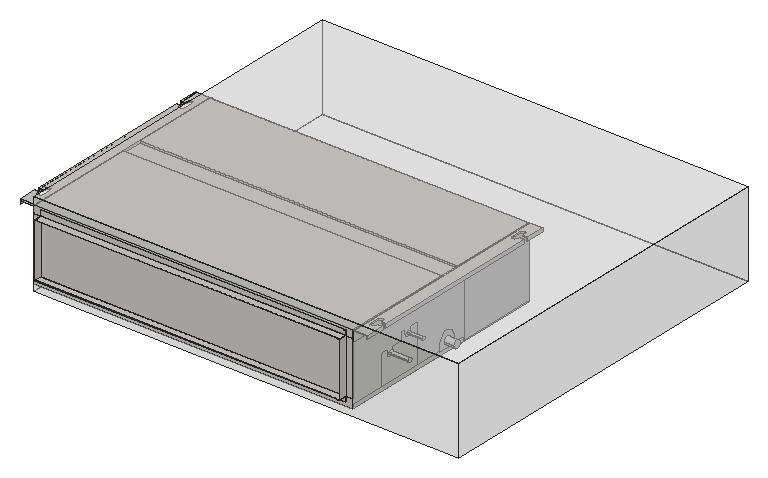
Revit family "outputfile", category 機械設備, Revit 2024
Family settings
  丸型コネクタ寸法 = 半径を使用
  パーツ タイプ = 標準
  OmniClass 番号 = 23.75.10.24.21.27.27
  OmniClass タイトル = Split System Air Conditioning Units
  作業面ベース = いいえ
  常に垂直 = はい
  ロード時にボイドで切り取り = いいえ
  注釈の向きを維持 = いいえ
  共有 = いいえ
  部屋計算ポイント = はい
Parameters (values of type "CDXM35RVMV")
  Description = ""
  書き出し IFC クラス(タイプ) = "IfcUnitaryEquipmentType"
  定義済み IFC タイプ(タイプ) = "AIRCONDITIONINGUNIT"
  Cost = 0
  Type Comments = ""
  Keynote = ""
  Type Image = (empty or 0)
  Assembly Code = ""
  switch_frequency = yes
  ld_powersupply = Depth / 2  # 310.0 mm
  製造元 = "Daikin"
  モデル = "CDXM35RVMV"
  r_Liquid Pipe Size = Liquid Pipe Size / 2  # 3.2 mm
  r_Gas Pipe Size = Gas Pipe Size / 2  # 4.75 mm
  r_Drain Pipe Size = Drain Pipe Size / 2  # 10.0 mm
  lw_powersupply = 50.0 mm  # constant formula
  lw_ductflange2 = 820.0 mm
  lw_Width = 860.0 mm
  lh_suctionflange [instance] = 100.0 mm  # constant formula
  ld_suctionflange [instance] = if(Rear Connection_Return Air, 190.0 mm, 100.0 mm)  # 190.0 mm
  connector_voltage = Voltage_50Hz  # 230 V
  connector_powerinput = if([Power Input (Cooling)] > [Power Input (Heating)], [Power Input (Cooling)], [Power Input (Heating)])  # 0.000 kW
  connector_phase = Phase_50Hz  # 1
  angle_vertical_RA [instance] = if(Rear Connection_Return Air, 90.00°, 0.00°)  # 90.00°
  angle horizontal_RA [instance] = if(Rear Connection_Return Air, 180.00°, 270.00°)  # 180.00°
  Voltage_comment_50Hz = "220 - 240"
  Voltage_50Hz = 230 V
  URL = ""
  Supply Air Direction [instance] = yes
  Sound Power Level_H speed (dB) = 0
  Rear Connection_Return Air [instance] = not(Bottom Connection_Return Air)  # yes
  RA_length [instance] = if(Rear Connection_Return Air, 190.0 mm, 100.0 mm)  # 190.0 mm
  Phase_50Hz = 1
  Minimum External Static Pressure = 0.00 Pa
  Minimum Circuit Amps_50Hz = 0.0 A
  Maximum Fuse Amps_50Hz = 0.0 A
  Maximum External Static Pressure = 40.00 Pa
  Material_Casing = DAIKIN_GalvanizedSteel_Casing_indoorunit
  lw_liquidpipe = 46.0 mm  # constant formula
  lw_gaspipe = 57.0 mm  # constant formula
  lw_mountinghole = 940.0 mm
  lw_drainpipe = 30.0 mm  # constant formula
  lh_powersupply = 150.0 mm  # constant formula
  lh_liquidpipe = 90.0 mm  # constant formula
  lh_gaspipe = 113.0 mm  # constant formula
  lh_mountinghole = Height  # 200.0 mm
  lh_drainpipe = 170.0 mm  # constant formula
  lh_antena = 1.0 mm  # constant formula
  ld_liquidpipe = 193.0 mm  # constant formula
  ld_gaspipe = 130.0 mm  # constant formula
  ld_mountinghole = 500.0 mm  # constant formula
  ld_drainpipe = 330.0 mm  # constant formula
  ld_controlbox = 626.0 mm  # constant formula
  h*** = 0.0 mm  # constant formula
  d_dischargeflange = 21.2 mm  # constant formula
  Width = 900.0 mm
  Version = "ver.1.0"
  Unit Type = "Duct (L.S.P)"
  Unit Mass Weight = 25.00 kg
  Unit Designation [instance] = ""
  Uniclass2015Version = "Products v1.30"
  Uniclass2015Title = "Split coil room air conditioning units"
  Uniclass2015Code = "Pr_70_65_03_86"
  Total Heating Capacity [instance] = 0.000 kW
  Total Cooling Capacity [instance] = 0.000 kW
  Sound Pressure Level_M speed (dBA) = 33
  Sound Pressure Level_L speed (dBA) = 31
  Sound Pressure Level_H speed (dBA) = 35
  Series = "Multi Split_Fan Coil Unit"
  Sensible Cooling Capacity [instance] = 0.000 kW
  SA Duct Size Width = 860.0 mm
  SA Duct Size Height = 153.0 mm
  Refrigerant Type = "R32"
  RA Duct Size Width = 780.0 mm
  RA Duct Size Height = 160.0 mm
  Power Input (Heating) = 0.000 kW
  Power Input (Cooling) = 0.000 kW
  Option Accessory 3 [instance] = ""
  Option Accessory 2 [instance] = ""
  Option Accessory 1 [instance] = ""
  Nominal Heating Capacity = 4.300 kW
  Nominal Cooling Capacity = 3.500 kW
  Minimum Airflow = 510.00 m³/h
  Median Airflow = 558.00 m³/h
  Maximum Airflow = 600.00 m³/h
  Load Classification = HVAC
  Liquid Pipe Size = 6.4 mm
  Link_Nested Family [instance] = ""
  IfcVersion = ""
  IfcExportType = "AIRCONDITIONINGUNIT"
  IfcExportAs = "IfcUnitaryEquipmentType"
  Height = 200.0 mm
  Heating Entering Wet Bulb Temperature [instance] = 0.00 °C
  Heating Entering Dry Bulb Temperature [instance] = 0.00 °C
  Heating Ambient Wet Bulb Temperature [instance] = 0.00 °C
  Heating Ambient Dry Bulb Temperature [instance] = 0.00 °C
  Heat Exchanger Type = "Cross Fin Coil"
  Gas Pipe Size = 9.5 mm
  Frequency_50Hz = 50 Hz
  Fan Type = "Sirocco Fan"
  Fan Drive = "Direct Drive"
  FCU Tag No. [instance] = ""
  Drain Pipe Size = 20.0 mm
  Design Supply Airflow [instance] = 0.00 m³/h
  Design Return Airflow [instance] = 0.00 m³/h
  Design External Static Pressure [instance] = 0.00 Pa
  Depth = 620.0 mm
  既定の高さ = 0.0 mm
  Cooling Entering Wet Bulb Temperature [instance] = 0.00 °C
  Cooling Entering Dry Bulb Temperature [instance] = 0.00 °C
  Cooling Ambient Wet Bulb Temperature [instance] = 0.00 °C
  Cooling Ambient Dry Bulb Temperature [instance] = 0.00 °C
  Clearance visibility [instance] = yes
  Clearance Top = 20.0 mm
  Clearance Right = 300.0 mm
  Clearance Rear = 400.0 mm
  Clearance Left = 0.0 mm
  Clearance Front = 0.0 mm
  Clearance Bottom = 20.0 mm
  Bottom Connection_Return Air [instance] = no
Reference planes
  plane 1 "Center (Front/Back)": y = 0
  plane 2: z = 0
  plane 3 "Center (Left/Right)": x = 0
  plane 4 "Back": y = 310
  plane 5 "Front": y = -310
  plane 6 "Left": x = -450
  plane 7 "Right": x = 450
  plane 8 "Top": z = 0
  plane 9 "Bottom": z = -200
  plane 10: x = -470
  plane 11: x = 470
  plane 12: y = 250
  plane 13: z = 0
  plane 14 "Clearance Left": x = -450
  plane 15 "Clearance Right": x = 750
  plane 16 "Clearance Rear": y = 710
  plane 17 "Clearance Front": y = -310
  plane 18 "Clearance Top": z = 20
  plane 19 "Clearance Bottom": z = -220
  plane 20: y = -250
  plane 21: z = -21
  plane 22: z = -97.5
  plane 23: x = -40
  plane 24: y = 120
  plane 25: z = -100
  plane 26: y = -180
  plane 27: z = -113
  plane 28: y = -117
  plane 29: z = -90
  plane 30: y = 20
  plane 31: z = -170
  plane 32: x = 507
  plane 33: x = 496
  plane 34: x = 480
  plane 35: x = 400
  plane 36: z = -150
Forms (mm)
  Extrusion 1, solid, material "DAIKIN_GalvanizedSteel_Casing_indoorunit" <- "Material_Casing"
    sketch origin (0, 0, 0) x (1, 0, 0) y (0, 1, 0)
      loop
        line (-450, -310) -> (450, -310) -> (450, 310) -> (-450, 310) -> (-450, -310)
    from -200 to 0
  Extrusion 2, void
    sketch origin (0, 0, 1) x (1, 0, 0) y (0, 1, 0)
      loop
        line (-450, 61.5) -> (-450, 3.5) -> (450, 3.5) -> (450, 61.5) -> (-450, 61.5)
    from -1 to -7
  Extrusion 3, solid, material "DAIKIN_GalvanizedSteel_Casing_indoorunit" <- "Material_Casing", visible <- "Bottom Connection_Return Air"
    sketch origin (0, 0, 0) x (1, 0, 0) y (0, 0, 1)
      loop
        line (369, -200) -> (369, -1) -> (-449, -1) -> (-449, -200) -> (369, -200)
    from -310 to -309
  Extrusion 4, solid, material "DAIKIN_GalvanizedSteel_Casing_indoorunit" <- "Material_Casing", visible <- "Rear Connection_Return Air"
    sketch origin (0, 0, 0) x (1, 0, 0) y (0, 1, 0)
      loop
        line (-449, 310) -> (-449, 111) -> (369, 111) -> (369, 310) -> (-449, 310)
    from -200 to -199
  Extrusion 5, solid, material "DAIKIN_GalvanizedSteel_Casing_indoorunit" <- "Material_Casing"
    sketch origin (450, 0, 0) x (0, 1, 0) y (0, 0, 1)
      loop
        circle (-180, -113) r 4.75
    from 0 to 57
  Extrusion 6, solid, material "DAIKIN_GalvanizedSteel_Casing_indoorunit" <- "Material_Casing"
    sketch origin (450, 0, 0) x (0, 1, 0) y (0, 0, 1)
      loop
        circle (-117, -90) r 3.2
    from 0 to 46
  Extrusion 7, solid, material "DAIKIN_GalvanizedSteel_Casing_indoorunit" <- "Material_Casing"
    sketch origin (450, 0, 0) x (0, 1, 0) y (0, 0, 1)
      loop
        circle (20, -170) r 10
    from 0 to 30
  Extrusion 8, solid, material "DAIKIN_GalvanizedSteel_Casing_indoorunit" <- "Material_Casing"
    sketch origin (450, 0, 0) x (0, 1, 0) y (0, 0, 1)
      loop
        line (-310, -200) -> (78.6, -200) -> (78.6, -193)
        arc (78.6, -193) -> (77.721, -190.879) -> (75.6, -190) r 3
        line (75.6, -190) -> (-310, -190) -> (-310, -200)
    from 0 to -1
  Extrusion 9, solid, material "DAIKIN_GalvanizedSteel_Casing_indoorunit" <- "Material_Casing"
    sketch origin (450, 0, 0) x (0, 1, 0) y (0, 0, 1)
      loop
        line (-210, -190) -> (-85.6, -190) -> (-85.6, -83)
        arc (-85.6, -83) -> (-86.479, -80.879) -> (-88.6, -80) r 3
        line (-88.6, -80) -> (-102, -80)
        arc (-102, -80) -> (-104.121, -80.879) -> (-105, -83) r 3
        line (-105, -83) -> (-105, -90)
        arc (-105, -90) -> (-117, -102) -> (-129, -90) r 12
        line (-129, -90) -> (-129, -83)
        arc (-129, -83) -> (-129.879, -80.879) -> (-132, -80) r 3
        line (-132, -80) -> (-136.1, -80)
        arc (-136.1, -80) -> (-138.221, -80.879) -> (-139.1, -83) r 3
        line (-139.1, -83) -> (-139.1, -102.7) -> (-165, -102.7)
        arc (-165, -102.7) -> (-167.121, -103.579) -> (-168, -105.7) r 3
        line (-168, -105.7) -> (-168, -113)
        arc (-168, -113) -> (-180, -125) -> (-192, -113) r 12
        line (-192, -113) -> (-192, -105.7)
        arc (-192, -105.7) -> (-192.879, -103.579) -> (-195, -102.7) r 3
        line (-195, -102.7) -> (-207, -102.7)
        arc (-207, -102.7) -> (-209.121, -103.579) -> (-210, -105.7) r 3
        line (-210, -105.7) -> (-210, -190)
    from 0 to -1
  Extrusion 10, solid, material "DAIKIN_GalvanizedSteel_Casing_indoorunit" <- "Material_Casing"
    sketch origin (450, 0, 0) x (0, 1, 0) y (0, 0, 1)
      loop
        arc (44.5, -170) -> (20, -145.5) -> (-4.5, -170) r 24.5
        line (-4.5, -170) -> (-4.5, -190) -> (44.5, -190) -> (44.5, -170)
    from 0 to -1
  Extrusion 11, solid, material "DAIKIN_GalvanizedSteel_Casing_indoorunit" <- "Material_Casing"
    sketch origin (450, 0, 0) x (0, 1, 0) y (0, 0, 1)
      loop
        arc (86.6, -22) -> (84.479, -22.879) -> (83.6, -25) r 3
        line (83.6, -25) -> (83.6, -194.5)
        arc (83.6, -194.5) -> (84.479, -196.621) -> (86.6, -197.5) r 3
        line (86.6, -197.5) -> (307, -197.5)
        arc (307, -197.5) -> (309.121, -196.621) -> (310, -194.5) r 3
        line (310, -194.5) -> (310, -25)
        arc (310, -25) -> (309.121, -22.879) -> (307, -22) r 3
        line (307, -22) -> (86.6, -22)
    from 0 to -1
Cuts and joins
  Extrusion 2 cuts Extrusion 1
Dimensions and locks
  "Height": plane 8 "Top" to plane 9 "Bottom"
  equal spacing: plane 10, plane 3 "Center (Left/Right)", plane 11
  "lw_mountinghole": plane 10 to plane 11
  equal spacing: plane 6 "Left", plane 3 "Center (Left/Right)", plane 7 "Right"
  "Width": plane 6 "Left" to plane 7 "Right"
  "Clearance Right": plane 7 "Right" to plane 15 "Clearance Right"
  "Clearance Left": plane 14 "Clearance Left" to plane 6 "Left"
  "Clearance Rear": plane 16 "Clearance Rear" to plane 4 "Back"
  "Clearance Front": plane 5 "Front" to plane 17 "Clearance Front"
  "Clearance Top": plane 18 "Clearance Top" to plane 8 "Top"
  "Clearance Bottom": plane 9 "Bottom" to plane 19 "Clearance Bottom"
  "Depth": plane 4 "Back" to plane 5 "Front"
  equal spacing: plane 4 "Back", plane 1 "Center (Front/Back)", plane 5 "Front"
  Extrusion 3 sketch curve to Extrusion 3 sketch curve = 199.0 mm
  locked: plane 20 to plane 5 "Front" at 60
  "ld_mountinghole": plane 12 to plane 20
  locked: plane 8 "Top" to plane 21 at 21
  locked: plane 23 to plane 3 "Center (Left/Right)" at 40
  "ld_suctionflange": plane 4 "Back" to plane 24
  "lh_suctionflange": plane 8 "Top" to plane 25
  "ld_gaspipe": plane 26 to plane 5 "Front"
  "lh_gaspipe": plane 8 "Top" to plane 27
  "ld_liquidpipe": plane 28 to plane 5 "Front"
  "lh_liquidpipe": plane 8 "Top" to plane 29
  "ld_drainpipe": plane 30 to plane 5 "Front"
  "lh_drainpipe": plane 8 "Top" to plane 31
  "lw_gaspipe": plane 7 "Right" to plane 32
  "lw_liquidpipe": plane 7 "Right" to plane 33
  "lw_drainpipe": plane 7 "Right" to plane 34
  "lw_powersupply": plane 35 to plane 7 "Right"
  "lh_powersupply": plane 8 "Top" to plane 36
  "r_Gas Pipe Size": radius of Extrusion 5 sketch curve
  "r_Liquid Pipe Size": radius of Extrusion 6 sketch curve
  "r_Drain Pipe Size": radius of Extrusion 7 sketch curve
  aligned and locked: level to plane 2
  aligned and locked: Extrusion 1 to plane 9 "Bottom"
  aligned and locked: plane 8 "Top" to Extrusion 1
  aligned and locked: plane 11 to nested 2
  aligned and locked: plane 10 to nested 3
  aligned and locked: plane 10 to nested 4
  aligned and locked: plane 8 "Top" to Extrusion 2
  aligned and locked: plane 9 "Bottom" to Extrusion 4  (x2)
  aligned and locked: plane 7 "Right" to cut or joined group of Extrusion 1, Extrusion 2  (x2)
  aligned and locked: plane 3 "Center (Left/Right)" to nested 9
  aligned and locked: plane 6 "Left" to nested 7
  aligned and locked: plane 8 "Top" to nested 9
  aligned and locked: plane 11 to nested 1
  aligned and locked: nested 6 to plane 1 "Center (Front/Back)"
  aligned and locked: plane 3 "Center (Left/Right)" to nested 6
  aligned and locked: level to plane 8 "Top"
  aligned and locked: plane 1 "Center (Front/Back)" to nested 9
  aligned and locked: plane 5 "Front" to nested 10
  aligned and locked: Extrusion 1 sketch curve to plane 5 "Front"
  aligned and locked: plane 21 to nested 10
  aligned and locked: nested 5 to plane 5 "Front"
  aligned and locked: plane 3 "Center (Left/Right)" to nested 5
  aligned and locked: plane 22 to nested 5
  aligned and locked: Extrusion 2 sketch curve to plane 6 "Left"
  aligned and locked: plane 7 "Right" to Extrusion 2 sketch curve
  aligned and locked: nested 11 to plane 23
  aligned and locked: nested 11 to plane 24
  aligned and locked: plane 27 to Extrusion 5 sketch curve
  aligned and locked: plane 26 to Extrusion 5 sketch curve
  aligned and locked: plane 28 to Extrusion 6 sketch curve
  aligned and locked: plane 29 to Extrusion 6 sketch curve
  aligned and locked: plane 31 to Extrusion 7 sketch curve
  aligned and locked: plane 30 to Extrusion 7 sketch curve
  aligned and locked: plane 26 to nested 12
  aligned and locked: nested 12 to plane 27
  aligned and locked: plane 32 to Extrusion 5
  aligned and locked: plane 32 to nested 12
  aligned and locked: plane 33 to Extrusion 6
  aligned and locked: plane 28 to nested 13
  aligned and locked: nested 13 to plane 29
  aligned and locked: plane 33 to nested 13
  aligned and locked: plane 34 to Extrusion 7
  aligned and locked: plane 30 to nested 14
  aligned and locked: nested 14 to plane 31
  aligned and locked: plane 34 to nested 14
  aligned and locked: Extrusion 8 sketch curve to plane 9 "Bottom"
  aligned and locked: Extrusion 8 sketch curve to plane 5 "Front"
  aligned and locked: plane 14 "Clearance Left" to nested 15
  aligned and locked: plane 15 "Clearance Right" to nested 15
  aligned and locked: plane 16 "Clearance Rear" to nested 15
  aligned and locked: nested 15 to plane 17 "Clearance Front"
  aligned and locked: nested 15 to plane 18 "Clearance Top"
  aligned and locked: nested 15 to plane 19 "Clearance Bottom"
  aligned and locked: nested 16 to plane 35
  aligned and locked: nested 16 to plane 36
  aligned and locked: plane 4 "Back" to nested 16
Automatic sketch dimensions
  Extrusion 1 sketch curve to plane 4 "Back" = 0.0 mm
  Extrusion 1 sketch curve to plane 6 "Left" = 0.0 mm
  Extrusion 1 sketch curve to plane 7 "Right" = 0.0 mm
  Extrusion 4 sketch curve to plane 4 "Back" = 0.0 mm
  plane 6 "Left" to Extrusion 3 sketch curve = 1.0 mm
  plane 6 "Left" to Extrusion 4 sketch curve = 1.0 mm
  Extrusion 4 sketch curve to plane 1 "Center (Front/Back)" = 111.0 mm
  Extrusion 3 sketch curve to plane 9 "Bottom" = 0.0 mm
  Extrusion 3 sketch curve to plane 7 "Right" = 81.0 mm
  Extrusion 4 sketch curve to plane 7 "Right" = 81.0 mm
  Extrusion 2 sketch curve to plane 1 "Center (Front/Back)" = 3.5 mm
  Extrusion 2 sketch curve to Extrusion 2 sketch curve = 58.0 mm
  plane 9 "Bottom" to Extrusion 8 sketch curve = 7.0 mm
  Extrusion 8 sketch curve to plane 24 = 44.4 mm
  Extrusion 8 sketch curve to Extrusion 8 sketch curve = 3.0 mm
  Extrusion 9 sketch curve to plane 27 = 0.0 mm
  Extrusion 9 sketch curve to plane 26 = 0.0 mm
  Extrusion 9 sketch curve to plane 29 = 0.0 mm
  Extrusion 9 sketch curve to plane 28 = 0.0 mm
  Extrusion 9 sketch curve to plane 26 = 12.0 mm
  Extrusion 9 sketch curve to plane 25 = 2.7 mm  (x2)
  Extrusion 9 sketch curve to Extrusion 9 sketch curve = 3.0 mm  (x6)
  Extrusion 9 sketch curve to Extrusion 9 sketch curve = 12.0 mm
  plane 9 "Bottom" to Extrusion 9 sketch curve = 10.0 mm
  Extrusion 9 sketch curve to plane 26 = 30.0 mm
  Extrusion 9 sketch curve to plane 28 = 22.1 mm
  Extrusion 9 sketch curve to Extrusion 9 sketch curve = 4.1 mm
  plane 29 to Extrusion 9 sketch curve = 7.0 mm  (x2)
  Extrusion 9 sketch curve to Extrusion 9 sketch curve = 13.4 mm
  Extrusion 10 sketch curve to plane 30 = 0.0 mm
  Extrusion 10 sketch curve to plane 31 = 0.0 mm
  plane 1 "Center (Front/Back)" to Extrusion 10 sketch curve = 4.5 mm
  plane 9 "Bottom" to Extrusion 10 sketch curve = 10.0 mm
  Extrusion 11 sketch curve to plane 4 "Back" = 0.0 mm
  Extrusion 11 sketch curve to Extrusion 11 sketch curve = 3.0 mm  (x3)
  Extrusion 11 sketch curve to plane 21 = 1.0 mm
  Extrusion 11 sketch curve to plane 21 = 4.0 mm
  Extrusion 11 sketch curve to plane 24 = 33.4 mm
  plane 9 "Bottom" to Extrusion 11 sketch curve = 5.5 mm
Nested families
  nested 1: "daikin_mountinghole" at (470, 250, -200), l_antenna <- "lh_antena", Link_Nested Family <- "Link_Nested Family", h_mountinghole <- "lh_mountinghole", type "daikin_mountinghole"
    with show yes, l_antenna 1.0 mm, h_mountinghole 200.0 mm, Link_Nested Family ""
  nested 2: "daikin_mountinghole" at (470, -250, -200), Link_Nested Family <- "Link_Nested Family", l_antenna <- "lh_antena", h_mountinghole <- "lh_mountinghole", type "daikin_mountinghole"
    with show yes, l_antenna 1.0 mm, h_mountinghole 200.0 mm, Link_Nested Family ""
  nested 3: "daikin_mountinghole" at (-470, -250, -200), l_antenna <- "lh_antena", Link_Nested Family <- "Link_Nested Family", h_mountinghole <- "lh_mountinghole", type "daikin_mountinghole"
    with show yes, l_antenna 1.0 mm, h_mountinghole 200.0 mm, Link_Nested Family ""
  nested 4: "daikin_mountinghole" at (-470, 250, -200), l_antenna <- "lh_antena", Link_Nested Family <- "Link_Nested Family", h_mountinghole <- "lh_mountinghole", type "daikin_mountinghole"
    with show yes, l_antenna 1.0 mm, h_mountinghole 200.0 mm, Link_Nested Family ""
  nested 5: "daikin_connector_rotate2" at (0, -310, -97.5), length <- "d_dischargeflange", type "daikin_connector_rotate2"
    with radius 10.0 mm, length 21.2 mm, angle_vertical 90.00°, show_face no
  nested 6: "daikin_△_symbolicline" at (-75, -129.904, 200) x (-0.5, 0.866, 0) z (0, 0, 1), built-in parameter 1001364 <- "Height", visible <- "Supply Air Direction", type "daikin_△_symbolicline"
    with length 300.0 mm
  nested 7: "daikin_ductflange_CDXM-RVMV_1" at (-40, 310, -100), visible <- "Rear Connection_Return Air", material <- "Material_Casing", width <- "lw_ductflange2", type "daikin_ductflange_CDXM-RVMV_1"
    with width 820.0 mm, material DAIKIN_GalvanizedSteel_Casing_indoorunit, height 180.0 mm, depth 21.2 mm
  nested 8: "daikin_ductflange_CDXM-RVMV_1" at (-40, 210, -200) x (1, 0, 0) z (0, 1, 0), visible <- "Bottom Connection_Return Air", material <- "Material_Casing", width <- "lw_ductflange2", type "daikin_ductflange_CDXM-RVMV_1"
    with width 820.0 mm, material DAIKIN_GalvanizedSteel_Casing_indoorunit, height 180.0 mm, depth 21.2 mm
  nested 9: "daikin_hangerfixture_CDXM-RVMV" at (0, 0, 0), type "daikin_hangerfixture_CDXM-RVMV"
    with width 900.0 mm
  nested 10: "daikin_ductflange_CDXM-RVMV" at (0, 3.5, -364.201), width <- "lw_Width", material <- "Material_Casing", type "daikin_ductflange_CDXM-RVMV"
    with width 860.0 mm, material DAIKIN_GalvanizedSteel_Casing_indoorunit, height 155.0 mm, depth 21.2 mm
  nested 11: "daikin_connector_rotate3" at (-40, 120, -100), length <- "RA_length", angle_vertical <- "angle_vertical_RA", angle_horizontal <- "angle horizontal_RA", type "daikin_connector_rotate3"
    with show no, radius 10.0 mm, length 190.0 mm, angle_vertical 90.00°, angle_horizontal 180.00°
  nested 12: "daikin_connector_rotate2" at (450, -180, -113) x (0, 1, 0) z (0, 0, 1), length <- "lw_gaspipe", radius <- "r_Gas Pipe Size", type "daikin_connector_rotate2"
    with radius 4.75 mm, length 57.0 mm, angle_vertical 90.00°, show_face no
  nested 13: "daikin_connector_rotate2" at (450, -117, -90) x (0, 1, 0) z (0, 0, 1), radius <- "r_Liquid Pipe Size", length <- "lw_liquidpipe", type "daikin_connector_rotate2"
    with radius 3.2 mm, length 46.0 mm, angle_vertical 90.00°, show_face no
  nested 14: "daikin_connector_rotate2" at (450, 20, -170) x (0, 1, 0) z (0, 0, 1), radius <- "r_Drain Pipe Size", length <- "lw_drainpipe", type "daikin_connector_rotate2"
    with radius 10.0 mm, length 30.0 mm, angle_vertical 90.00°, show_face no
  nested 15: "daikin_clearancespace" at (150, 200, -99.881), visible <- "Clearance visibility", Link_Nested Family <- "Link_Nested Family", show <- "Clearance visibility", type "daikin_clearancespace"
    with width 1200.0 mm, show yes, height 240.0 mm, depth 1020.0 mm, Link_Nested Family ""
  nested 16: "daikin_connector_rotate2" at (400, 0, -150) x (-1, 0, 0) z (0, 0, 1), length <- "ld_powersupply", type "daikin_connector_rotate2"
    with radius 10.0 mm, length 310.0 mm, angle_vertical 90.00°, show_face no
Connectors
  hvac at (0, -331.2, -97.5), driven by "SA Duct Size Height", driven by "SA Duct Size Width"
    settings: on nested 5, index 1, duct flow 0.00 m³/h, flow factor 0, pres drop 0.00 Pa, loss coef 0, conn angle 0.00°, conn width 860.0 mm, conn height 153.0 mm, conn diameter 609.6 mm, duct sys type 1, conn prof type 1, flow config 0, flow direction 2, loss method 4, conn ref index -1, conn util no, is conn primary yes, conn desc "SA Duct"
  hvac at (-40, 310, -100), driven by "RA Duct Size Height", driven by "RA Duct Size Width"
    settings: on nested 11, index 2, duct flow 0.00 m³/h, flow factor 0, pres drop 0.00 Pa, loss coef 0, conn angle 0.00°, conn width 780.0 mm, conn height 160.0 mm, conn diameter 609.6 mm, duct sys type 2, conn prof type 1, flow config 0, flow direction 1, loss method 4, conn ref index -1, conn util no, is conn primary no, conn desc "RA Duct"
  piping at (507, -180, -113), diameter 9.5, driven by "r_Gas Pipe Size"
    settings: on nested 12, index 3, connector inside diameter 609.6 mm, connector length 0.0 mm, flow factor 0, pipe flow 0.00 m³/h, pressure drop 0.0 Pa, fitting loss kfactor 0, connector angle 0.00°, fixture units 0, engagement length 0.0 mm, angle of deflection 0.00°, flow configuration 1, flow direction 2, fitting loss method 0, system type 29, joint type 0, gender type 0, connector reference index -1, connector utility 0, adjustable connector no, is connector primary yes, connector description "Refrigerant Gas Piping"
  piping at (496, -117, -90), diameter 6.4, driven by "r_Liquid Pipe Size"
    settings: on nested 13, index 4, connector inside diameter 609.6 mm, connector length 0.0 mm, flow factor 0, pipe flow 0.00 m³/h, pressure drop 0.0 Pa, fitting loss kfactor 0, connector angle 0.00°, fixture units 0, engagement length 0.0 mm, angle of deflection 0.00°, flow configuration 1, flow direction 1, fitting loss method 0, system type 29, joint type 0, gender type 0, connector reference index -1, connector utility 0, adjustable connector no, is connector primary no, connector description "Refrigerant Liquid Piping"
  piping at (480, 20, -170), diameter 20, driven by "r_Drain Pipe Size"
    settings: on nested 14, index 5, connector inside diameter 609.6 mm, connector length 0.0 mm, flow factor 0, pipe flow 0.00 m³/h, pressure drop 0.0 Pa, fitting loss kfactor 0, connector angle 0.00°, fixture units 0, engagement length 0.0 mm, angle of deflection 0.00°, flow configuration 1, flow direction 2, fitting loss method 4, system type 16, joint type 0, gender type 0, connector reference index -1, connector utility 0, adjustable connector no, is connector primary no, connector description "Condensate Drain Piping"
  electrical at (400, 310, -150), driven by "Load Classification", driven by "connector_phase", driven by "connector_powerinput", driven by "connector_voltage"
    settings: on nested 16, index 6, voltage 230 V, apparent load 0 VA, apparent load phase1 0 VA, apparent load phase2 0 VA, apparent load phase3 0 VA, power factor 1, load classification "HVAC", number of poles 1, system type 30, power factor state 1, is connector primary yes, connector utility no, sub classification motor no, connector description "Power Supply"
Definition of nested family "daikin_ductflange_CDXM-RVMV_1"
  Parameters (values of type "daikin_ductflange_CDXM-RVMV_1")
    width [instance] = 620.0 mm
    material [instance] = none
    height [instance] = 180.0 mm
    depth [instance] = 21.2 mm
    Default Elevation = 0.0 mm
  Reference planes
    plane 1 "Center (Front/Back)": y = 0
    plane 2: z = 0
    plane 3 "Center (Left/Right)": x = 0
    plane 4: x = -310
    plane 5: x = 310
    plane 6: z = 90
    plane 7: z = -90
    plane 8: z = 100
    plane 9: z = -100
    plane 10: x = -309
    plane 11: x = 309
  Forms (mm)
    Extrusion 1, solid, material <- "material"
      sketch origin (0, 0, 0) x (1, 0, 0) y (0, 0, 1)
        loop
          line (-290, 80) -> (-290, -80) -> (290, -80) -> (290, 80) -> (-290, 80)
        loop
          line (-309, -99) -> (309, -99) -> (309, 99) -> (-309, 99) -> (-309, -99)
      from 0 to 1
  Dimensions and locks
    equal spacing: plane 5, plane 3 "Center (Left/Right)", plane 4, locked at 310 each
    "width": plane 5 to plane 4
    equal spacing: plane 6, level, plane 7, locked at 90 each
    "height": plane 6 to plane 7
    equal spacing: plane 8, level, plane 9, locked at 100 each
    locked: plane 8 to plane 9 at 200
    plane 10 to plane 4 = 1.0 mm
    locked: plane 5 to plane 11 at 1
    locked: Extrusion 1 sketch curve to Extrusion 1 sketch curve at 19  (x4)
    locked: plane 8 to Extrusion 1 sketch curve at 1
    locked: Extrusion 1 sketch curve to plane 9 at 1
    aligned and locked: level to plane 2
  Automatic sketch dimensions
    plane 4 to Extrusion 1 sketch curve = 1.0 mm
    Extrusion 1 sketch curve to plane 5 = 1.0 mm
Definition of nested family "daikin_hangerfixture_CDXM-RVMV"
  Parameters (values of type "daikin_hangerfixture_CDKS-EAVMA")
    width = 700.0 mm
    material = none
    height = 30.0 mm
    depth = 618.0 mm
    Default Elevation = 0.0 mm
  Reference planes
    plane 1 "Center (Front/Back)": y = 0
    plane 2: z = 0
    plane 3 "Center (Left/Right)": x = 0
    plane 4: x = 350
    plane 5: y = 309
    plane 6: y = -309
    plane 7: x = -350
    plane 8: z = -30
  Forms (mm)
    Extrusion 1, solid, material <- "material"
      sketch origin (0, 0, 0) x (1, 0, 0) y (0, 0, 1)
        loop
          line (350, 0) -> (350, -30) -> (352.3, -30) -> (352.3, -2.3) -> (387.7, -2.3) -> (387.7, -10) -> (390, -10) -> (390, 0) -> (350, 0)
      from -309 to 309
    Extrusion 2, void
      sketch origin (0, 0, 0) x (0, 1, 0) y (0, 0, 1)
        loop
          line (309, -30) -> (309, -17.979) -> (87.935, -17.979) -> (75.914, -30) -> (309, -30)
      from 0 to 450
    Extrusion 3, void
      sketch origin (0, 0, 0) x (1, 0, 0) y (0, 1, 0)
        loop
          line (390, -243.5) -> (377, -243.5) -> (377, -237)
          arc (377, -237) -> (370, -230) -> (363, -237) r 7
          line (363, -237) -> (363, -263)
          arc (363, -263) -> (370, -270) -> (377, -263) r 7
          line (377, -263) -> (377, -256.5) -> (390, -256.5) -> (390, -243.5)
        loop
          line (390, 243.5) -> (390, 256.5) -> (377, 256.5) -> (377, 263)
          arc (377, 263) -> (370, 270) -> (363, 263) r 7
          line (363, 263) -> (363, 237)
          arc (363, 237) -> (370, 230) -> (377, 237) r 7
          line (377, 237) -> (377, 243.5) -> (390, 243.5)
      from -254.96 to 618
    Extrusion 4, solid, material <- "material"
      sketch origin (0, 0, 0) x (-1, 0, 0) y (0, 0, -1)
        loop
          line (350, 0) -> (390, 0) -> (390, 10) -> (387.7, 10) -> (387.7, 2.3) -> (352.3, 2.3) -> (352.3, 30) -> (350, 30) -> (350, 0)
      from -309 to 309
    Extrusion 5, void
      sketch origin (0, 0, 0) x (-1, 0, 0) y (0, -1, 0)
        loop
          line (390, 243.5) -> (390, 256.5) -> (377, 256.5) -> (377, 263)
          arc (377, 263) -> (370, 270) -> (363, 263) r 7
          line (363, 263) -> (363, 237)
          arc (363, 237) -> (370, 230) -> (377, 237) r 7
          line (377, 237) -> (377, 243.5) -> (390, 243.5)
        loop
          line (390, -243.5) -> (377, -243.5) -> (377, -237)
          arc (377, -237) -> (370, -230) -> (363, -237) r 7
          line (363, -237) -> (363, -263)
          arc (363, -263) -> (370, -270) -> (377, -263) r 7
          line (377, -263) -> (377, -256.5) -> (390, -256.5) -> (390, -243.5)
      from -254.96 to 618
  Cuts and joins
    Extrusion 2, Extrusion 3, Extrusion 5 cuts Extrusion 1
    Extrusion 5 cuts Extrusion 4
  Dimensions and locks
    equal spacing: plane 5, plane 1 "Center (Front/Back)", plane 6
    "depth": plane 5 to plane 6
    plane 6 to plane 1 "Center (Front/Back)" to plane 5 = 309.0 mm, 309.0 mm
    equal spacing: plane 4, plane 3 "Center (Left/Right)", plane 7
    "width": plane 4 to plane 7
    "height": level to plane 8
    aligned and locked: level to plane 2
    aligned and locked: plane 5 to Extrusion 1
    aligned and locked: Extrusion 1 to plane 6
    aligned and locked: Extrusion 1 to plane 4
    aligned and locked: plane 5 to cut or joined group of Extrusion 1, Extrusion 2, Extrusion 3, Extrusion 5
    aligned and locked: cut or joined group of Extrusion 1, Extrusion 2, Extrusion 3, Extrusion 5 to plane 6
    aligned and locked: level to cut or joined group of Extrusion 1, Extrusion 2, Extrusion 3, Extrusion 5
    aligned and locked: cut or joined group of Extrusion 1, Extrusion 2, Extrusion 3, Extrusion 5 to plane 8
    aligned and locked: plane 5 to cut or joined group of Extrusion 4, Extrusion 5
    aligned and locked: cut or joined group of Extrusion 4, Extrusion 5 to plane 6
  Automatic sketch dimensions
    Extrusion 1 sketch curve to plane 4 = 0.0 mm
    Extrusion 1 sketch curve to plane 8 = 0.0 mm
    Extrusion 1 sketch curve to level = 0.0 mm
    plane 4 to Extrusion 1 sketch curve = 2.3 mm
    Extrusion 1 sketch curve to level = 2.3 mm
    Extrusion 1 sketch curve to Extrusion 1 sketch curve = 35.4 mm
    Extrusion 1 sketch curve to Extrusion 1 sketch curve = 2.3 mm
    Extrusion 1 sketch curve to Extrusion 1 sketch curve = 7.7 mm
    Extrusion 2 sketch curve to plane 8 = 0.0 mm
    Extrusion 2 sketch curve to plane 5 = 0.0 mm
    plane 8 to Extrusion 2 sketch curve = 12.021 mm
    Extrusion 2 sketch curve to plane 1 "Center (Front/Back)" = 87.935 mm
    Extrusion 2 sketch curve to Extrusion 2 sketch curve = 12.021 mm
    plane 4 to Extrusion 3 sketch curve = 13.0 mm  (x2)
    Extrusion 3 sketch curve to Extrusion 3 sketch curve = 7.0 mm  (x4)
    Extrusion 3 sketch curve to Extrusion 3 sketch curve = 13.0 mm  (x4)
    plane 6 to Extrusion 3 sketch curve = 46.0 mm
    Extrusion 3 sketch curve to Extrusion 3 sketch curve = 6.5 mm  (x4)
    Extrusion 3 sketch curve to plane 5 = 72.0 mm
    Extrusion 4 sketch curve to plane 7 = 0.0 mm
    Extrusion 4 sketch curve to plane 8 = 0.0 mm
    Extrusion 4 sketch curve to level = 0.0 mm
    Extrusion 4 sketch curve to plane 7 = 2.3 mm
    Extrusion 4 sketch curve to level = 2.3 mm
    Extrusion 4 sketch curve to Extrusion 4 sketch curve = 35.4 mm
    Extrusion 4 sketch curve to Extrusion 4 sketch curve = 2.3 mm
    Extrusion 4 sketch curve to Extrusion 4 sketch curve = 7.7 mm
    Extrusion 5 sketch curve to plane 7 = 13.0 mm  (x2)
    Extrusion 5 sketch curve to Extrusion 5 sketch curve = 7.0 mm  (x4)
    Extrusion 5 sketch curve to Extrusion 5 sketch curve = 13.0 mm  (x4)
    Extrusion 5 sketch curve to plane 5 = 46.0 mm
    Extrusion 5 sketch curve to Extrusion 5 sketch curve = 6.5 mm  (x4)
    plane 6 to Extrusion 5 sketch curve = 72.0 mm
Definition of nested family "daikin_ductflange_CDXM-RVMV"
  Parameters (values of type "daikin_ductflange_FXDQ-NDVET")
    width [instance] = 660.0 mm
    material [instance] = none
    height [instance] = 155.0 mm
    depth [instance] = 21.2 mm
    Default Elevation = 0.0 mm
  Reference planes
    plane 1 "Center (Front/Back)": y = 0
    plane 2: z = 189.201
    plane 3 "Center (Left/Right)": x = 0
    plane 4: y = -313.5
    plane 5: x = -330
    plane 6: x = 330
    plane 7: y = -334.7
    plane 8: z = 344.201
    plane 9: z = 266.701
    plane 10: z = 343.201
    plane 11: z = 190.201
  Forms (mm)
    Extrusion 1, solid, material <- "material"
      sketch origin (0, 0, 189.201) x (1, 0, 0) y (0, 1, 0)
        loop
          line (-330, -334.7) -> (-330, -313.5) -> (-350, -313.5) -> (-350, -314.5) -> (-331, -314.5) -> (-331, -334.7) -> (-330, -334.7)
        loop
          line (330, -334.7) -> (331, -334.7) -> (331, -314.5) -> (350, -314.5) -> (350, -313.5) -> (330, -313.5) -> (330, -334.7)
      from 1 to 154
    Extrusion 2, solid, material <- "material"
      sketch origin (0, 0, 0) x (0, 1, 0) y (0, 0, 1)
        loop
          line (-313.5, 343.201) -> (-313.5, 358.201) -> (-314.5, 358.201) -> (-314.5, 344.201) -> (-334.7, 344.201) -> (-334.7, 343.201) -> (-313.5, 343.201)
        loop
          line (-313.5, 190.201) -> (-334.7, 190.201) -> (-334.7, 189.201) -> (-314.5, 189.201) -> (-314.5, 175.201) -> (-313.5, 175.201) -> (-313.5, 190.201)
      from -330 to 330
  Dimensions and locks
    plane 4 to plane 1 "Center (Front/Back)" = 313.5 mm
    "depth": plane 7 to plane 4
    equal spacing: plane 8, plane 9, level
    "height": plane 8 to level
    equal spacing: plane 6, plane 3 "Center (Left/Right)", plane 5
    "width": plane 6 to plane 5
    locked: plane 8 to plane 10 at 1
    locked: plane 11 to level at 1
    locked: Extrusion 1 to Extrusion 2 sketch curve at 1
    locked: Extrusion 2 sketch curve to Extrusion 1 at 1
    plane 10 to plane 11 = 153.0 mm
    aligned and locked: level to plane 2
    aligned and locked: Extrusion 2 to plane 5
    aligned and locked: Extrusion 2 to plane 11
    aligned and locked: Extrusion 2 to plane 10
    aligned and locked: plane 6 to Extrusion 2
    aligned and locked: plane 5 to Extrusion 2  (x2)
    aligned and locked: plane 5 to Extrusion 1  (x2)
    aligned and locked: Extrusion 1 to plane 6
    aligned and locked: plane 6 to Extrusion 1
    aligned and locked: Extrusion 1 to plane 10
  Automatic sketch dimensions
    Extrusion 2 sketch curve to plane 7 = 0.0 mm  (x2)
    Extrusion 2 sketch curve to plane 4 = 0.0 mm  (x2)
    Extrusion 2 sketch curve to plane 11 = 0.0 mm
    Extrusion 2 sketch curve to plane 10 = 0.0 mm
    Extrusion 2 sketch curve to plane 4 = 1.0 mm  (x2)
    Extrusion 2 sketch curve to level = 14.0 mm
    plane 8 to Extrusion 2 sketch curve = 14.0 mm
    Extrusion 1 sketch curve to plane 4 = 0.0 mm  (x2)
    Extrusion 1 sketch curve to plane 7 = 0.0 mm  (x2)
    Extrusion 1 sketch curve to plane 5 = 0.0 mm
    Extrusion 1 sketch curve to plane 6 = 0.0 mm
    Extrusion 1 sketch curve to plane 5 = 1.0 mm
    Extrusion 1 sketch curve to Extrusion 1 sketch curve = 19.0 mm  (x2)
    Extrusion 1 sketch curve to Extrusion 1 sketch curve = 1.0 mm
    Extrusion 1 sketch curve to plane 4 = 1.0 mm  (x2)
Definition of nested family "daikin_clearancespace"
  Parameters (values of type "daikin_clearancespace")
    Description = "daikin_clearancespace"
    width [instance] = 1823.963 mm
    show [instance] = yes
    material = none
    height [instance] = 1359.762 mm
    depth [instance] = 880.0 mm
    Default Elevation = 0.0 mm
    Link_Nested Family [instance] = ""
  Reference planes
    plane 1 "Center (Front/Back)": y = 0
    plane 2 "Center (Elevation)": z = -0.119
    plane 3 "Center (Left/Right)": x = 0
    plane 4: y = 440
    plane 5: y = -440
    plane 6 "Right": x = 911.982
    plane 7 "Left": x = -911.982
    plane 8 "Top": z = 679.762
    plane 9 "Bottom": z = -680
  Forms (mm)
    Extrusion 1, solid, material <- "material", visible <- "show"
      sketch origin (0, 0, 0) x (1, 0, 0) y (0, 1, 0)
        loop
          line (-911.982, 440) -> (-911.982, -440) -> (911.982, -440) -> (911.982, 440) -> (-911.982, 440)
      from -680 to 679.762
  Lines and regions (mm)
    symbolic lines, visible <- "show"
      curve 1: line (911.982, 440, 0) -> (-911.982, 440, 0)
      curve 2: line (-911.982, 440, 0) -> (-911.982, -440, 0)
      curve 3: line (-911.982, -440, 0) -> (911.982, -440, 0)
      curve 4: line (911.982, -440, 0) -> (911.982, 440, 0)
      curve 5: line (911.982, 0, 679.762) -> (-911.982, 0, 679.762)
      curve 6: line (911.982, 0, -680) -> (911.982, 0, 679.762)
      curve 7: line (-911.982, 0, -680) -> (911.982, 0, -680)
      curve 8: line (-911.982, 0, 679.762) -> (-911.982, 0, -680)
      curve 9: line (0, 440, 679.762) -> (0, -440, 679.762)
      curve 10: line (0, -440, 679.762) -> (0, -440, -680)
      curve 11: line (0, 440, -680) -> (0, 440, 679.762)
      curve 12: line (0, -440, -680) -> (0, 440, -680)
  Dimensions and locks
    "width": plane 7 "Left" to plane 6 "Right"
    "depth": plane 4 to plane 5
    "height": plane 8 "Top" to plane 9 "Bottom"
    equal spacing: plane 7 "Left", plane 3 "Center (Left/Right)", plane 6 "Right"
    equal spacing: plane 4, plane 1 "Center (Front/Back)", plane 5
    equal spacing: plane 8 "Top", plane 2 "Center (Elevation)", plane 9 "Bottom"
    aligned and locked: level to plane 2 "Center (Elevation)"
    aligned and locked: Extrusion 1 sketch curve to plane 4
    aligned and locked: plane 7 "Left" to Extrusion 1 sketch curve
    aligned and locked: Extrusion 1 sketch curve to plane 5
    aligned and locked: Extrusion 1 sketch curve to plane 6 "Right"
    aligned and locked: plane 8 "Top" to Extrusion 1
    aligned and locked: curve 1 to Extrusion 1
    aligned and locked: curve 2 to Extrusion 1
    aligned and locked: curve 3 to Extrusion 1
    aligned and locked: curve 4 to Extrusion 1
    aligned and locked: curve 5 to Extrusion 1
    aligned and locked: curve 6 to Extrusion 1
    aligned and locked: curve 7 to Extrusion 1
    aligned and locked: curve 8 to Extrusion 1
    aligned and locked: curve 9 to Extrusion 1
    aligned and locked: curve 10 to Extrusion 1
    aligned and locked: curve 11 to Extrusion 1
    aligned and locked: curve 12 to Extrusion 1
    aligned and locked: Extrusion 1 to plane 9 "Bottom"
Definition of nested family "daikin_mountinghole"
  Parameters (values of type "daikin_mountinghole")
    Default Elevation = 1219.2 mm
    Type Comments = "mountinghole"
    show [instance] = yes
    material = none
    l_centerline = 100.0 mm
    l_antenna [instance] = 100.0 mm
    h_mountinghole [instance] = 0.0 mm
    d_circle = 30.0 mm
    Link_Nested Family [instance] = ""
  Reference planes
    plane 1 "Center (Front/Back)": y = 0
    plane 2: z = 0
    plane 3 "Center (Left/Right)": x = 0
    plane 4: y = 50
    plane 5: x = -50
    plane 6: x = 50
    plane 7: y = -50
    plane 8 "h_mountinghole": z = 0
    plane 9: z = 100
  Lines and regions (mm)
    model lines, detail levels fine
      curve 1: circle (0, 0, 0) r 15 normal (0, 0, 1)
      curve 2: line (-50, 0, 0) -> (50, 0, 0)
      curve 3: line (0, 50, 0) -> (0, -50, 0)
    symbolic lines, detail levels fine
      curve 4: circle (0, 0, 0) r 15 normal (0, 0, 1)
      curve 5: line (-50, 0, 0) -> (50, 0, 0)
      curve 6: line (0, 50, 0) -> (0, -50, 0)
    model lines
      curve 7: line (0, 0, 100) -> (0, 0, 0)
  Dimensions and locks
    equal spacing: plane 4, plane 1 "Center (Front/Back)", plane 7
    "l_centerline": plane 4 to plane 7
    equal spacing: plane 5, plane 3 "Center (Left/Right)", plane 6
    "l_centerline": plane 5 to plane 6
    "l_antenna": plane 9 to plane 8 "h_mountinghole"
    "h_mountinghole": plane 8 "h_mountinghole" to plane 2
    "d_circle": diameter of curve 1
    "d_circle": diameter of curve 4
    aligned and locked: level to plane 2
    aligned and locked: plane 1 "Center (Front/Back)" to curve 1
    aligned and locked: plane 3 "Center (Left/Right)" to curve 1
    aligned and locked: plane 1 "Center (Front/Back)" to curve 2
    aligned and locked: curve 3 to plane 3 "Center (Left/Right)"
    aligned and locked: plane 6 to curve 2
    aligned and locked: plane 5 to curve 2
    aligned and locked: plane 4 to curve 3
    aligned and locked: plane 7 to curve 3
    aligned and locked: plane 1 "Center (Front/Back)" to curve 4
    aligned and locked: plane 3 "Center (Left/Right)" to curve 4
    aligned and locked: plane 6 to curve 5
    aligned and locked: plane 5 to curve 5
    aligned and locked: plane 1 "Center (Front/Back)" to curve 5
    aligned and locked: plane 4 to curve 6
    aligned and locked: plane 7 to curve 6
    aligned and locked: curve 6 to plane 3 "Center (Left/Right)"
    aligned and locked: curve 7 to plane 3 "Center (Left/Right)"
    aligned and locked: plane 9 to curve 7
    aligned and locked: plane 8 "h_mountinghole" to curve 7
Definition of nested family "daikin_connector_rotate2"
  Parameters (values of type "daikin_connector_rotate2")
    show_face = yes
    radius [instance] = 10.0 mm
    length [instance] = 600.0 mm
    d_surface = 10.0 mm
    angle_vertical [instance] = 90.00°
    Default Elevation = 0.0 mm
  Reference planes
    plane 1 "Center (Front/Back)": y = 0
    plane 2: z = 0
    plane 3 "Center (Left/Right)": x = 0
  Forms (mm)
    Extrusion 1, solid, visible <- "show_face"
      sketch origin (0, -600, 0) x (1, 0, 0) y (0, 0, 1)
        loop
          circle (0, 0) r 10
      from 0 to -10
  Lines and regions (mm)
    reference lines
      curve 1: line (0, 0, 0) -> (0, -600, 0)
    symbolic lines
      curve 2: circle (0, 0, 0) r 5 normal (0, 0, 1)
    model lines, visible <- "show_face"
      curve 3: line (0, 0, 0) -> (0, -600, 0)
  Dimensions and locks
    "length": curve 1 to curve 1
    "length": curve 3 to curve 3
    "d_surface": Extrusion 1 to Extrusion 1
    "radius": radius of Extrusion 1 sketch curve
    "angle_vertical": angle curve 1 to plane 1 "Center (Front/Back)"
    "angle_vertical": angle curve 3 to plane 1 "Center (Front/Back)"
    aligned and locked: level to plane 2
    aligned and locked: plane 1 "Center (Front/Back)" to curve 1
    aligned and locked: plane 2 to curve 1
    aligned and locked: plane 1 "Center (Front/Back)" to curve 2
    aligned and locked: plane 3 "Center (Left/Right)" to curve 2
    aligned and locked: plane 1 "Center (Front/Back)" to curve 3
    aligned and locked: plane 2 to curve 3
    aligned and locked: Extrusion 1 to Extrusion 1
  Automatic sketch dimensions
    Extrusion 1 sketch curve to level = 0.0 mm
    Extrusion 1 sketch curve to plane 3 "Center (Left/Right)" = 0.0 mm
    radius of curve 2 = 5.0 mm
Definition of nested family "daikin_△_symbolicline"
  Parameters (values of type "daikin_△_symbolicline")
    length [instance] = 500.0 mm
    Default Elevation = 0.0 mm
  Reference planes
    plane 1 "Center (Front/Back)": y = 0
    plane 2: z = 0
    plane 3 "Center (Left/Right)": x = 0
  Lines and regions (mm)
    symbolic lines
      curve 1: line (0, -433.013, 0) -> (250, 0, 0)
      curve 2: line (250, 0, 0) -> (-250, 0, 0)
      curve 3: line (-250, 0, 0) -> (0, -433.013, 0)
  Dimensions and locks
    equal spacing: curve 3, plane 3 "Center (Left/Right)", curve 2
    "length": curve 3 to curve 2
    "length": curve 3 to curve 3
    "length": curve 1 to curve 1
    aligned and locked: level to plane 2
    aligned and locked: curve 2 to plane 1 "Center (Front/Back)"
    aligned and locked: plane 3 "Center (Left/Right)" to curve 3
Definition of nested family "daikin_connector_rotate3"
  Parameters (values of type "daikin_connector_rotate3")
    Default Elevation = 1219.2 mm
    show [instance] = yes
    radius [instance] = 10.0 mm
    length [instance] = 600.0 mm
    angle_horizontal [instance] = 60.00°
    angle_vertical [instance] = 90.00°
  Reference planes
    plane 1 "Center (Front/Back)": y = 0
    plane 2: z = 0
    plane 3 "Center (Left/Right)": x = 0
  Dimensions and locks
    "angle_horizontal": angle plane 3 "Center (Left/Right)" to nested 1
    aligned and locked: level to plane 2
    aligned and locked: plane 1 "Center (Front/Back)" to nested 1  (x2)
    aligned and locked: plane 3 "Center (Left/Right)" to nested 1
  Nested families
    nested 1: "daikin_connector_rotate2" at (0, 0, 0) x (0.5, 0.866, 0) z (0, 0, 1), angle_vertical <- "angle_vertical", length <- "length", radius <- "radius", type "daikin_connector_rotate2"
      with radius 10.0 mm, length 600.0 mm, angle_vertical 90.00°
  Definition of nested family "daikin_connector_rotate2"
    Parameters (values of type "daikin_connector_rotate2")
      show_face = yes
      radius [instance] = 10.0 mm
      length [instance] = 600.0 mm
      d_surface = 10.0 mm
      angle_vertical [instance] = 90.00°
      Default Elevation = 0.0 mm
    Reference planes
      plane 1 "Center (Front/Back)": y = 0
      plane 2: z = 0
      plane 3 "Center (Left/Right)": x = 0
    Forms (mm)
      Extrusion 1, solid, visible <- "show_face"
        sketch origin (0, -600, 0) x (1, 0, 0) y (0, 0, 1)
          loop
            circle (0, 0) r 10
        from 0 to -10
    Lines and regions (mm)
      reference lines
        curve 1: line (0, 0, 0) -> (0, -600, 0)
      symbolic lines
        curve 2: circle (0, 0, 0) r 5 normal (0, 0, 1)
      model lines, visible <- "show_face"
        curve 3: line (0, 0, 0) -> (0, -600, 0)
    Dimensions and locks
      "length": curve 1 to curve 1
      "length": curve 3 to curve 3
      "d_surface": Extrusion 1 to Extrusion 1
      "radius": radius of Extrusion 1 sketch curve
      "angle_vertical": angle curve 1 to plane 1 "Center (Front/Back)"
      "angle_vertical": angle curve 3 to plane 1 "Center (Front/Back)"
      aligned and locked: level to plane 2
      aligned and locked: plane 1 "Center (Front/Back)" to curve 1
      aligned and locked: plane 2 to curve 1
      aligned and locked: plane 1 "Center (Front/Back)" to curve 2
      aligned and locked: plane 3 "Center (Left/Right)" to curve 2
      aligned and locked: plane 1 "Center (Front/Back)" to curve 3
      aligned and locked: plane 2 to curve 3
      aligned and locked: Extrusion 1 to Extrusion 1
    Automatic sketch dimensions
      Extrusion 1 sketch curve to level = 0.0 mm
      Extrusion 1 sketch curve to plane 3 "Center (Left/Right)" = 0.0 mm
      radius of curve 2 = 5.0 mm
